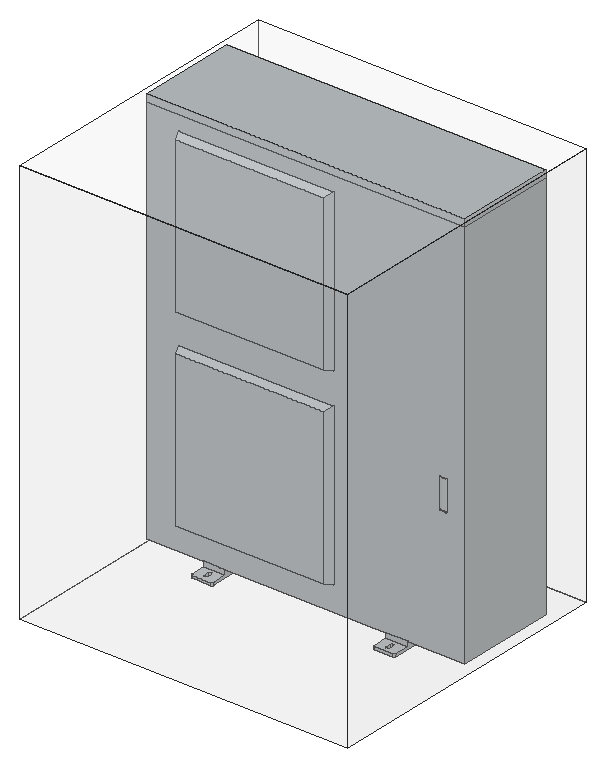
Revit family "puz-zrmp80hka16_280ka6_50hz", category 機械設備, Revit 2023 (continued)
Definition of nested family "PUZ-EZRMP-3"
  Dimensions and locks
    aligned and locked: Extrusion 2 to plane 25
    aligned and locked: plane 12 to Extrusion 2
    aligned and locked: Extrusion 3 sketch curve to Extrusion 2  (x4)
    aligned and locked: Extrusion 3 to plane 12
    aligned and locked: plane 4 to Extrusion 3
    aligned and locked: Blend 4 sketch curve to plane 43
    aligned and locked: Blend 4 sketch curve to plane 44
    aligned and locked: Blend 4 sketch curve to plane 42
    aligned and locked: Blend 4 sketch curve to plane 41
    aligned and locked: Blend 4 sketch curve to plane 47
    aligned and locked: Blend 4 sketch curve to plane 45
    aligned and locked: Blend 4 sketch curve to plane 46
    aligned and locked: Blend 4 sketch curve to plane 48
    aligned and locked: Blend 4 to plane 8
    aligned and locked: plane 38 to Blend 4
    aligned and locked: curve 17 to plane 49
    aligned and locked: curve 1 to plane 49
    aligned and locked: plane 49 to curve 19
    aligned and locked: curve 18 to plane 50
    aligned and locked: plane 50 to curve 2
    aligned and locked: plane 50 to curve 20
    aligned and locked: plane 57 to Extrusion 5 sketch curve
    aligned and locked: plane 53 to Extrusion 5 sketch curve
    aligned and locked: plane 58 to Extrusion 6 sketch curve
    aligned and locked: plane 56 to Extrusion 6 sketch curve
    aligned and locked: plane 61 to Extrusion 7 sketch curve
    aligned and locked: plane 54 to Extrusion 7 sketch curve
    aligned and locked: plane 55 to Extrusion 7
    aligned and locked: Extrusion 7 to plane 62
    aligned and locked: plane 64 to Extrusion 6
    aligned and locked: plane 63 to Extrusion 5
    aligned and locked: Extrusion 6 to plane 60
    aligned and locked: Extrusion 5 to plane 59
    aligned and locked: plane 66 to Extrusion 8 sketch curve
    aligned and locked: plane 65 to Extrusion 8 sketch curve
    aligned and locked: Extrusion 8 to plane 60
    aligned and locked: plane 64 to Extrusion 8
    aligned and locked: Blend 9 sketch curve to plane 71
    aligned and locked: Blend 9 sketch curve to plane 72
    aligned and locked: Blend 9 sketch curve to plane 42
    aligned and locked: Blend 9 sketch curve to plane 41
    aligned and locked: plane 45 to Blend 9 sketch curve
    aligned and locked: Blend 9 sketch curve to plane 46
    aligned and locked: Blend 9 sketch curve to plane 73
    aligned and locked: plane 74 to Blend 9 sketch curve
    aligned and locked: Blend 9 to plane 8
    aligned and locked: plane 38 to Blend 9
    aligned and locked: plane 22 to Extrusion 10 sketch curve
    aligned and locked: plane 21 to Extrusion 10 sketch curve
    aligned and locked: Extrusion 10 sketch curve to Extrusion 1  (x4)
    aligned and locked: Extrusion 10 sketch curve to plane 23
    aligned and locked: Extrusion 10 sketch curve to plane 20
    aligned and locked: plane 24 to Extrusion 10
    aligned and locked: Extrusion 10 to level
    aligned and locked: plane 25 to Extrusion 11
    aligned and locked: Extrusion 11 to plane 26
    aligned and locked: Masking region 1 sketch curve to Extrusion 3  (x4)
    aligned and locked: Masking region 1 sketch curve to cut or joined group of Extrusion 1, Extrusion 10  (x8)
    aligned and locked: Masking region 1 sketch curve to Blend 9  (x3)
    aligned and locked: plane 51 to Extrusion 11 sketch curve
    aligned and locked: plane 52 to Extrusion 11 sketch curve
    aligned and locked: plane 76 to Extrusion 11 sketch curve
    aligned and locked: plane 77 to Extrusion 11 sketch curve
    aligned and locked: plane 78 to Extrusion 11 sketch curve
    aligned and locked: plane 79 to Extrusion 11 sketch curve
    aligned and locked: plane 75 to Extrusion 11 sketch curve  (x4)
  Automatic sketch dimensions
    plane 7 to Extrusion 1 sketch curve = 0 mm  (x2)
    Extrusion 1 sketch curve to plane 18 = 0 mm
    plane 8 to Extrusion 1 sketch curve = 0 mm  (x2)
    Extrusion 1 sketch curve to plane 19 = 0 mm
    Extrusion 1 sketch curve to plane 20 = 0 mm
    Extrusion 1 sketch curve to plane 21 = 0 mm
    curve 187 to curve 188 = 40 mm
    curve 186 to curve 190 = 13.333 mm
    curve 190 to curve 190 = 40 mm
    curve 186 to curve 193 = 0 mm
    curve 186 to curve 188 = 40 mm
    curve 188 to curve 191 = 0 mm
    curve 179 to curve 180 = 40 mm
    curve 178 to curve 182 = 120 mm
    curve 182 to curve 182 = 40 mm
    curve 178 to curve 185 = 0 mm
    curve 178 to curve 180 = 40 mm
    curve 182 to curve 183 = 40 mm
    curve 25 to plane 45 = 0 mm
    curve 24 to plane 45 = 0 mm
    curve 22 to plane 45 = 0 mm
    curve 23 to plane 45 = 0 mm
    curve 26 to plane 45 = 0 mm
    curve 21 to plane 45 = 0 mm
    curve 24 to plane 46 = 0 mm
    curve 25 to plane 46 = 0 mm
    curve 26 to plane 46 = 0 mm
    curve 23 to plane 46 = 0 mm
    curve 22 to plane 46 = 0 mm
    curve 21 to plane 46 = 0 mm
    curve 37 to plane 48 = 0 mm
    curve 52 to plane 48 = 0 mm
    curve 51 to plane 48 = 0 mm
    curve 50 to plane 48 = 0 mm
    curve 49 to plane 48 = 0 mm
    curve 48 to plane 48 = 0 mm
    curve 47 to plane 48 = 0 mm
    curve 46 to plane 48 = 0 mm
    curve 45 to plane 48 = 0 mm
    curve 44 to plane 48 = 0 mm
    curve 43 to plane 48 = 0 mm
    curve 42 to plane 48 = 0 mm
    curve 41 to plane 48 = 0 mm
    curve 27 to plane 48 = 0 mm
    curve 28 to plane 48 = 0 mm
    curve 40 to plane 48 = 0 mm
    curve 39 to plane 48 = 0 mm
    curve 29 to plane 48 = 0 mm
    curve 38 to plane 48 = 0 mm
    curve 30 to plane 48 = 0 mm
    curve 53 to plane 48 = 0 mm
    curve 31 to plane 48 = 0 mm
    curve 36 to plane 48 = 0 mm
    curve 32 to plane 48 = 0 mm
    curve 35 to plane 48 = 0 mm
    curve 33 to plane 48 = 0 mm
    curve 34 to plane 48 = 0 mm
    curve 28 to plane 47 = 0 mm
    curve 41 to plane 47 = 0 mm
    curve 27 to plane 47 = 0 mm
    curve 42 to plane 47 = 0 mm
    curve 31 to plane 47 = 0 mm
    curve 40 to plane 47 = 0 mm
    curve 37 to plane 47 = 0 mm
    curve 39 to plane 47 = 0 mm
    curve 32 to plane 47 = 0 mm
    curve 45 to plane 47 = 0 mm
    curve 36 to plane 47 = 0 mm
    curve 46 to plane 47 = 0 mm
    curve 43 to plane 47 = 0 mm
    curve 47 to plane 47 = 0 mm
    curve 29 to plane 47 = 0 mm
    curve 48 to plane 47 = 0 mm
    curve 30 to plane 47 = 0 mm
    curve 49 to plane 47 = 0 mm
    curve 44 to plane 47 = 0 mm
    curve 50 to plane 47 = 0 mm
    curve 33 to plane 47 = 0 mm
    curve 51 to plane 47 = 0 mm
    curve 35 to plane 47 = 0 mm
    curve 52 to plane 47 = 0 mm
    curve 38 to plane 47 = 0 mm
    curve 53 to plane 47 = 0 mm
    curve 34 to plane 47 = 0 mm
    plane 13 to curve 304 = 138 mm
    curve 304 to plane 46 = 0 mm
    curve 307 to plane 45 = 0 mm
    curve 306 to plane 45 = 0 mm
    curve 303 to plane 45 = 0 mm
    curve 308 to plane 45 = 0 mm
    curve 303 to plane 46 = 0 mm
    curve 306 to plane 46 = 0 mm
    curve 307 to plane 46 = 0 mm
    curve 308 to plane 46 = 0 mm
    curve 309 to plane 45 = 0 mm
    curve 309 to plane 46 = 0 mm
    curve 305 to plane 74 = 0 mm
    curve 305 to plane 73 = 0 mm
    curve 310 to plane 74 = 0 mm
    curve 310 to plane 73 = 0 mm
    curve 311 to plane 73 = 0 mm
    curve 311 to plane 74 = 0 mm
    curve 312 to plane 74 = 0 mm
    curve 312 to plane 73 = 0 mm
    curve 313 to plane 74 = 0 mm
    curve 313 to plane 73 = 0 mm
    curve 314 to plane 73 = 0 mm
    curve 314 to plane 74 = 0 mm
    curve 315 to plane 74 = 0 mm
    curve 315 to plane 73 = 0 mm
    curve 316 to plane 73 = 0 mm
    curve 316 to plane 74 = 0 mm
    curve 317 to plane 74 = 0 mm
    curve 317 to plane 73 = 0 mm
    curve 318 to plane 74 = 0 mm
    curve 318 to plane 73 = 0 mm
    curve 319 to plane 74 = 0 mm
    curve 319 to plane 73 = 0 mm
    curve 320 to plane 74 = 0 mm
    curve 320 to plane 73 = 0 mm
    curve 321 to plane 74 = 0 mm
    curve 321 to plane 73 = 0 mm
    curve 322 to plane 73 = 0 mm
    curve 322 to plane 74 = 0 mm
    curve 323 to plane 73 = 0 mm
    curve 323 to plane 74 = 0 mm
    curve 324 to plane 73 = 0 mm
    curve 324 to plane 74 = 0 mm
    curve 325 to plane 74 = 0 mm
    curve 325 to plane 73 = 0 mm
    curve 326 to plane 74 = 0 mm
    curve 326 to plane 73 = 0 mm
    curve 327 to plane 74 = 0 mm
    curve 327 to plane 73 = 0 mm
    curve 328 to plane 74 = 0 mm
    curve 328 to plane 73 = 0 mm
    curve 329 to plane 74 = 0 mm
    curve 329 to plane 73 = 0 mm
    curve 330 to plane 74 = 0 mm
    curve 330 to plane 73 = 0 mm
    curve 331 to plane 74 = 0 mm
    curve 331 to plane 73 = 0 mm
    curve 332 to plane 73 = 0 mm
    curve 332 to plane 74 = 0 mm
    curve 333 to plane 74 = 0 mm
    curve 333 to plane 73 = 0 mm
    curve 334 to plane 73 = 0 mm
    curve 334 to plane 74 = 0 mm
    curve 335 to plane 74 = 0 mm
    curve 335 to plane 73 = 0 mm
    Extrusion 10 sketch curve to plane 18 = 0 mm  (x2)
    plane 8 to Extrusion 10 sketch curve = 0 mm
    plane 23 to Extrusion 10 sketch curve = 0 mm
    plane 22 to Extrusion 10 sketch curve = 0 mm  (x3)
    plane 16 to Extrusion 10 sketch curve = 0 mm  (x3)
    plane 17 to Extrusion 10 sketch curve = 0 mm  (x3)
    Extrusion 10 sketch curve to plane 15 = 0 mm  (x2)
    Extrusion 10 sketch curve to plane 19 = 0 mm  (x2)
    Extrusion 10 sketch curve to plane 14 = 0 mm  (x2)
    plane 7 to Extrusion 10 sketch curve = 0 mm
    Extrusion 10 sketch curve to plane 18 = 5 mm
    plane 15 to Extrusion 10 sketch curve = 6 mm  (x2)
    plane 19 to Extrusion 10 sketch curve = 5 mm
    Extrusion 10 sketch curve to plane 20 = 5 mm
    plane 14 to Extrusion 10 sketch curve = 6 mm  (x2)
    plane 21 to Extrusion 10 sketch curve = 5 mm
    plane 38 to Extrusion 10 sketch curve = 10 mm  (x2)
    plane 19 to Masking region 1 sketch curve = 0 mm
    plane 21 to Masking region 1 sketch curve = 0 mm
    plane 7 to Masking region 1 sketch curve = 0 mm  (x2)
    Masking region 1 sketch curve to plane 20 = 0 mm
    Masking region 1 sketch curve to plane 18 = 0 mm
    plane 8 to Masking region 1 sketch curve = 0 mm  (x2)
    plane 38 to Masking region 1 sketch curve = 0 mm
    curve 352 to plane 6 = 0 mm
    plane 7 to curve 352 = 0 mm
    curve 353 to plane 18 = 0 mm
    curve 348 to plane 18 = 0 mm
    plane 8 to curve 346 = 0 mm
    curve 354 to plane 19 = 0 mm
    curve 347 to plane 19 = 0 mm
    curve 345 to plane 41 = 0 mm
    plane 38 to curve 344 = 0 mm
    curve 344 to plane 46 = 0 mm
    curve 357 to plane 20 = 0 mm
    curve 343 to plane 20 = 0 mm
    curve 358 to plane 21 = 0 mm
    curve 341 to plane 21 = 0 mm
    curve 339 to plane 45 = 0 mm
    curve 339 to plane 42 = 0 mm
    curve 337 to plane 5 = 0 mm
    plane 22 to curve 354 = 0 mm
    plane 22 to curve 358 = 0 mm
    plane 23 to curve 342 = 0 mm
    plane 23 to curve 347 = 0 mm
    curve 11 to plane 65 = 6 mm
    plane 18 to curve 352 = 28.157 mm
    plane 15 to curve 346 = 0.043 mm
    plane 21 to curve 338 = 11.963 mm
    curve 336 to plane 21 = 9.073 mm
    curve 344 to plane 21 = 22.105 mm
    plane 28 to curve 3 = 5 mm
    curve 3 to plane 45 = 38 mm
    curve 1 to plane 45 = 38 mm
    curve 3 to curve 5 = 0 mm
    curve 4 to plane 29 = 5 mm
    curve 372 to plane 65 = 6 mm
    plane 65 to curve 376 = 9 mm
    curve 12 to plane 65 = 6 mm
    curve 20 to plane 53 = 4 mm
    curve 2 to curve 16 = 15 mm
    plane 51 to curve 15 = 5 mm
Definition of nested family "固定点"
  Parameters (values of type "固定点")
    Default Elevation = 0 mm
    中心円 = if(W > 599 mm, 12 mm, 10 mm)  # 12 mm
    W = 1000 mm
    D = 1000 mm
  Reference planes
    plane 1 "中心(正面/背面)": y = 0
    plane 2: z = 0
    plane 3 "中心(左/右)": x = 0
    plane 4: x = 1000
    plane 5: y = 1000
  Lines and regions (mm)
    symbolic lines, detail levels fine
      curve 1: circle (0, 1000, 0) r 6 normal (0, 0, 1)
      curve 2: circle (0, 0, 0) r 6 normal (0, 0, 1)
      curve 3: circle (1000, 1000, 0) r 6 normal (0, 0, 1)
      curve 4: circle (1000, 0, 0) r 6 normal (0, 0, 1)
      curve 5: line (-200, 1000, 0) -> (1200, 1000, 0)
      curve 6: line (-200, 0, 0) -> (1200, 0, 0)
      curve 7: line (0, 1200, 0) -> (0, -200, 0)
      curve 8: line (1000, 1200, 0) -> (1000, -200, 0)
  Dimensions and locks
    "W": plane 3 "中心(左/右)" to plane 4
    "D": plane 1 "中心(正面/背面)" to plane 5
    "中心円": diameter of curve 1
    "中心円": diameter of curve 2
    "中心円": diameter of curve 3
    "中心円": diameter of curve 4
    aligned and locked: level to plane 2
    aligned and locked: plane 5 to curve 1
    aligned and locked: plane 3 "中心(左/右)" to curve 1
    aligned and locked: plane 3 "中心(左/右)" to curve 2
    aligned and locked: plane 1 "中心(正面/背面)" to curve 2
    aligned and locked: plane 4 to curve 3
    aligned and locked: plane 5 to curve 3
    aligned and locked: plane 1 "中心(正面/背面)" to curve 4
    aligned and locked: plane 4 to curve 4
    aligned and locked: plane 1 "中心(正面/背面)" to curve 6
    aligned and locked: curve 7 to plane 3 "中心(左/右)"
    aligned and locked: curve 8 to plane 4
  Automatic sketch dimensions
    curve 5 to plane 5 = 0 mm
    curve 6 to plane 3 "中心(左/右)" = 200 mm
    curve 5 to plane 3 "中心(左/右)" = 200 mm
    curve 4 to curve 6 = 200 mm
    curve 3 to curve 5 = 200 mm
    plane 1 "中心(正面/背面)" to curve 8 = 200 mm
    plane 1 "中心(正面/背面)" to curve 7 = 200 mm
    curve 3 to curve 8 = 200 mm
    curve 1 to curve 7 = 200 mm
Types (21, lengths in mm): name | 風量_冷房 (㎥/min) | 風量 | 音響パワーレベル_冷房 (dB) | 音響パワーレベル_暖房 (dB) | 音響パワーレベル(dB) | 電源位置Z | 電源位置X | 電動機出力_送風機 | 電動機出力_圧縮機 | 質量 | 製品質量 | 相 | 発停方法 | 消費電力_暖房 | 消費電力_冷房 | 消費電力 | 本体マテリアル | 最小電線太さ_mm2 | 暖房能力 | 推奨ブレーカー容量 | 形名 | ドレン　位置Y | ドレン　位置X | 冷房能力 | 冷媒管（ガス）位置X | 冷媒管（液）位置X | 冷媒管（ガス）位置Y | 冷媒管径符号 | 冷媒管位置Z | 冷媒管位置Y | 冷媒管位置X | 冷媒液管径 | 冷媒ガス管径 | モデル | Width | URL | Height | Clearance Right | Clearance Left | Clearance Front | Clearance Back
  PUZ-ZRMP80HA16 | 55 | 3300.0 m³/h | 66 | 68 | 68 | 669 | 275 | 0.06 kW | 1.6 kW | 79.20 kg | 66.00 kg | 3 | "別売リモコン" | 2.22 kW | 1.93 kW | 2.22 kW | Galvanized steel plate | 3.5 | 8 kW | 20 A | PUZ-EZRMP-2 : PUZ-EZRMP-2-2 | 111 | 30 | 7.1 kW | 434 | 377 | 269 | "Bd" | 447 | 279.5 | 405.5 | 9.52 | 15.88 | "PUZ-ZRMP80HA16" | 950 | "https://www.mitsubishielectric.co.jp/ldg/wink/qr/002/364673" | 943 | 10 | 10 | 500 | 100
  PUZ-ZRMP80SHA16 | 55 | 3300.0 m³/h | 66 | 68 | 68 | 669 | 275 | 0.06 kW | 1.6 kW | 84.00 kg | 70.00 kg | 1 | "別売リモコン" | 2.34 kW | 1.98 kW | 2.34 kW | none | 3.5 | 8 kW | 30 A | PUZ-EZRMP-2 : PUZ-EZRMP-2-2 | 111 | 30 | 7.1 kW | 434 | 377 | 229 | "Bd" | 447 | 259.5 | 405.5 | 9.52 | 15.88 | "PUZ-ZRMP80SHA16" | 950 | "https://www.mitsubishielectric.co.jp/ldg/wink/qr/002/364674" | 943 | 10 | 10 | 500 | 100
  PUZ-ZRMP112KA16 | 100 | 6000.0 m³/h | 68 | 70 | 70 | 1063 | 325 | 0.12 kW | 2.1 kW | 120.00 kg | 100.00 kg | 3 | "別売リモコン" | 2.67 kW | 2.43 kW | 2.67 kW | Galvanized steel plate | 5.5 | 11.2 kW | 30 A | PUZ-EZRMP-3 : PUZ-EZRMP3-1 | 176 | 45 | 10 kW | 483 | 423 | 274 | "Bd" | 450 | 282 | 453 | 9.52 | 15.88 | "PUZ-ZRMP112KA16" | 1050 | "https://www.mitsubishielectric.co.jp/ldg/wink/qr/002/364679" | 1338 | 15 | 15 | 500 | 150
  PUZ-ZRMP140KA16 | 100 | 6000.0 m³/h | 68 | 71 | 71 | 1063 | 325 | 0.12 kW | 2.8 kW | 120.00 kg | 100.00 kg | 3 | "付属スイッチ" | 3.72 kW | 3.61 kW | 3.72 kW | none | 5.5 | 14 kW | 30 A | PUZ-EZRMP-3 : PUZ-EZRMP3-1 | 176 | 45 | 12.5 kW | 483 | 423 | 274 | "Bd" | 450 | 282 | 453 | 9.52 | 15.88 | "PUZ-ZRMP140KA16" | 1050 | "https://www.mitsubishielectric.co.jp/ldg/wink/qr/002/364681" | 1338 | 15 | 15 | 500 | 150
  PUZ-ZRMP160KA16 | 100 | 6000.0 m³/h | 70 | 73 | 73 | 1063 | 325 | 0.12 kW | 3.3 kW | 120.00 kg | 100.00 kg | 3 | "別売リモコン" | 4.5 kW | 4.6 kW | 4.6 kW | none | 5.5 | 16 kW | 30 A | PUZ-EZRMP-3 : PUZ-EZRMP3-1 | 176 | 45 | 14 kW | 483 | 423 | 274 | "Bd" | 450 | 282 | 453 | 9.52 | 15.88 | "PUZ-ZRMP160KA16" | 1050 | "https://www.mitsubishielectric.co.jp/ldg/wink/qr/002/364684" | 1338 | 15 | 15 | 500 | 150
  PUZ-ZRMP224KA6 | 130 | 7800.0 m³/h | 79 | 81 | 81 | 1063 | 325 | 0.3 kW | 4.6 kW | 156.00 kg | 130.00 kg | 3 | "別売リモコン" | 5.66 kW | 6.07 kW | 6.07 kW | none | 8 | 22.4 kW | 40 A | PUZ-EZRMP-3 : PUZ-EZRMP3-2 | 176 | 45 | 20 kW | 479 | 423 | 276 | "Bg" | 450 | 283 | 451 | 9.52 | 25.4 | "PUZ-ZRMP224KA6" | 1050 | "https://www.mitsubishielectric.co.jp/ldg/wink/qr/002/364567" | 1338 | 15 | 15 | 1000 | 150
  PUZ-ZRMP280KA6 | 140 | 8400.0 m³/h | 79 | 81 | 81 | 1063 | 325 | 0.4 kW | 5.7 kW | 160.80 kg | 134.00 kg | 3 | "別売リモコン" | 8.14 kW | 9.2 kW | 9.2 kW | none | 14 | 28 kW | 50 A | PUZ-EZRMP-3 : PUZ-EZRMP3-3 | 176 | 45 | 25 kW | 479 | 423 | 276 | "Cg" | 424 | 283 | 451 | 12.7 | 25.4 | "PUZ-ZRMP280KA6" | 1050 | "https://www.mitsubishielectric.co.jp/ldg/wink/qr/002/364570" | 1338 | 15 | 15 | 1000 | 150
  PUZ-ZRMP80SHA16-BS | 55 | 3300.0 m³/h | 66 | 68 | 68 | 669 | 275 | 0.06 kW | 1.6 kW | 84.00 kg | 70.00 kg | 1 | "別売リモコン" | 2.34 kW | 1.98 kW | 2.34 kW | none | 3.5 | 8 kW | 30 A | PUZ-EZRMP-2 : PUZ-EZRMP-2-2 | 111 | 30 | 7.1 kW | 434 | 377 | 229 | "Bd" | 447 | 259.5 | 405.5 | 9.52 | 15.88 | "PUZ-ZRMP80SHA16-BS" | 950 | "https://www.mitsubishielectric.co.jp/ldg/wink/qr/002/364677" | 943 | 10 | 10 | 500 | 100
  PUZ-ZRMP80SHA16-BSG | 55 | 3300.0 m³/h | 66 | 68 | 68 | 669 | 275 | 0.06 kW | 1.6 kW | 84.00 kg | 70.00 kg | 1 | "別売リモコン" | 2.34 kW | 1.98 kW | 2.34 kW | none | 3.5 | 8 kW | 30 A | PUZ-EZRMP-2 : PUZ-EZRMP-2-2 | 111 | 30 | 7.1 kW | 434 | 377 | 229 | "Bd" | 447 | 259.5 | 405.5 | 9.52 | 15.88 | "PUZ-ZRMP80SHA16-BSG" | 950 | "https://www.mitsubishielectric.co.jp/ldg/wink/qr/002/364678" | 943 | 10 | 10 | 500 | 100
  PUZ-ZRMP80HA16-BS | 55 | 3300.0 m³/h | 66 | 68 | 68 | 669 | 275 | 0.06 kW | 1.6 kW | 79.20 kg | 66.00 kg | 3 | "別売リモコン" | 2.22 kW | 1.93 kW | 2.22 kW | none | 3.5 | 8 kW | 20 A | PUZ-EZRMP-2 : PUZ-EZRMP-2-2 | 111 | 30 | 7.1 kW | 434 | 377 | 269 | "Bd" | 447 | 279.5 | 405.5 | 9.52 | 15.88 | "PUZ-ZRMP80HA16-BS" | 950 | "https://www.mitsubishielectric.co.jp/ldg/wink/qr/002/364675" | 943 | 10 | 10 | 500 | 100
  PUZ-ZRMP80HA16-BSG | 55 | 3300.0 m³/h | 66 | 68 | 68 | 669 | 275 | 0.06 kW | 1.6 kW | 79.20 kg | 66.00 kg | 3 | "別売リモコン" | 2.22 kW | 1.93 kW | 2.22 kW | none | 3.5 | 8 kW | 20 A | PUZ-EZRMP-2 : PUZ-EZRMP-2-2 | 111 | 30 | 7.1 kW | 434 | 377 | 269 | "Bd" | 447 | 279.5 | 405.5 | 9.52 | 15.88 | "PUZ-ZRMP80HA16-BSG" | 950 | "https://www.mitsubishielectric.co.jp/ldg/wink/qr/002/364676" | 943 | 10 | 10 | 500 | 100
  PUZ-ZRMP280KA6-BS | 140 | 8400.0 m³/h | 79 | 81 | 81 | 1063 | 325 | 0.4 kW | 5.7 kW | 160.80 kg | 134.00 kg | 3 | "別売リモコン" | 8.14 kW | 9.2 kW | 9.2 kW | none | 14 | 28 kW | 50 A | PUZ-EZRMP-3 : PUZ-EZRMP3-3 | 176 | 45 | 25 kW | 479 | 423 | 276 | "Cg" | 424 | 283 | 451 | 12.7 | 25.4 | "PUZ-ZRMP280KA6-BS" | 1050 | "https://www.mitsubishielectric.co.jp/ldg/wink/qr/002/364571" | 1338 | 15 | 15 | 1000 | 150
  PUZ-ZRMP280KA6-BSG | 140 | 8400.0 m³/h | 79 | 81 | 81 | 1063 | 325 | 0.4 kW | 5.7 kW | 160.80 kg | 134.00 kg | 3 | "別売リモコン" | 8.14 kW | 9.2 kW | 9.2 kW | none | 14 | 28 kW | 50 A | PUZ-EZRMP-3 : PUZ-EZRMP3-3 | 176 | 45 | 25 kW | 479 | 423 | 276 | "Cg" | 424 | 283 | 451 | 12.7 | 25.4 | "PUZ-ZRMP280KA6-BSG" | 1050 | "https://www.mitsubishielectric.co.jp/ldg/wink/qr/002/364572" | 1338 | 15 | 15 | 1000 | 150
  PUZ-ZRMP224KA6-BS | 130 | 7800.0 m³/h | 79 | 81 | 81 | 1063 | 325 | 0.3 kW | 4.6 kW | 156.00 kg | 130.00 kg | 3 | "別売リモコン" | 5.66 kW | 6.07 kW | 6.07 kW | none | 8 | 22.4 kW | 40 A | PUZ-EZRMP-3 : PUZ-EZRMP3-2 | 176 | 45 | 20 kW | 479 | 423 | 276 | "Bg" | 450 | 283 | 451 | 9.52 | 25.4 | "PUZ-ZRMP224KA6-BS" | 1050 | "https://www.mitsubishielectric.co.jp/ldg/wink/qr/002/364568" | 1338 | 15 | 15 | 1000 | 150
  PUZ-ZRMP224KA6-BSG | 130 | 7800.0 m³/h | 79 | 81 | 81 | 1063 | 325 | 0.3 kW | 4.6 kW | 156.00 kg | 130.00 kg | 3 | "別売リモコン" | 5.66 kW | 6.07 kW | 6.07 kW | none | 8 | 22.4 kW | 40 A | PUZ-EZRMP-3 : PUZ-EZRMP3-2 | 176 | 45 | 20 kW | 479 | 423 | 276 | "Bg" | 450 | 283 | 451 | 9.52 | 25.4 | "PUZ-ZRMP224KA6-BSG" | 1050 | "https://www.mitsubishielectric.co.jp/ldg/wink/qr/002/364569" | 1338 | 15 | 15 | 1000 | 150
  PUZ-ZRMP160KA16-BS | 100 | 6000.0 m³/h | 70 | 73 | 73 | 1063 | 325 | 0.12 kW | 3.3 kW | 120.00 kg | 100.00 kg | 3 | "別売リモコン" | 4.5 kW | 4.6 kW | 4.6 kW | none | 5.5 | 16 kW | 30 A | PUZ-EZRMP-3 : PUZ-EZRMP3-1 | 176 | 45 | 14 kW | 483 | 423 | 274 | "Bd" | 450 | 282 | 453 | 9.52 | 15.88 | "PUZ-ZRMP160KA16-BS" | 1050 | "https://www.mitsubishielectric.co.jp/ldg/wink/qr/002/364685" | 1338 | 15 | 15 | 500 | 150
  PUZ-ZRMP160KA16-BSG | 100 | 6000.0 m³/h | 70 | 73 | 73 | 1063 | 325 | 0.12 kW | 3.3 kW | 120.00 kg | 100.00 kg | 3 | "別売リモコン" | 4.5 kW | 4.6 kW | 4.6 kW | none | 5.5 | 16 kW | 30 A | PUZ-EZRMP-3 : PUZ-EZRMP3-1 | 176 | 45 | 14 kW | 483 | 423 | 274 | "Bd" | 450 | 282 | 453 | 9.52 | 15.88 | "PUZ-ZRMP160KA16-BSG" | 1050 | "https://www.mitsubishielectric.co.jp/ldg/wink/qr/002/364566" | 1338 | 15 | 15 | 500 | 150
  PUZ-ZRMP140KA16-BS | 100 | 6000.0 m³/h | 68 | 71 | 71 | 1063 | 325 | 0.12 kW | 2.8 kW | 120.00 kg | 100.00 kg | 3 | "別売リモコン" | 3.72 kW | 3.61 kW | 3.72 kW | none | 5.5 | 14 kW | 30 A | PUZ-EZRMP-3 : PUZ-EZRMP3-1 | 176 | 45 | 12.5 kW | 483 | 423 | 274 | "Bd" | 450 | 282 | 453 | 9.52 | 15.88 | "PUZ-ZRMP140KA16-BS" | 1050 | "https://www.mitsubishielectric.co.jp/ldg/wink/qr/002/364682" | 1338 | 15 | 15 | 500 | 150
  PUZ-ZRMP140KA16-BSG | 100 | 6000.0 m³/h | 68 | 71 | 71 | 1063 | 325 | 0.12 kW | 2.8 kW | 120.00 kg | 100.00 kg | 3 | "別売リモコン" | 3.72 kW | 3.61 kW | 3.72 kW | none | 5.5 | 14 kW | 30 A | PUZ-EZRMP-3 : PUZ-EZRMP3-1 | 176 | 45 | 12.5 kW | 483 | 423 | 274 | "Bd" | 450 | 282 | 453 | 9.52 | 15.88 | "PUZ-ZRMP140KA16-BSG" | 1050 | "https://www.mitsubishielectric.co.jp/ldg/wink/qr/002/364683" | 1338 | 15 | 15 | 500 | 150
  PUZ-ZRMP112KA16-BS | 100 | 6000.0 m³/h | 68 | 70 | 70 | 1063 | 325 | 0.12 kW | 2.1 kW | 120.00 kg | 100.00 kg | 3 | "別売リモコン" | 2.67 kW | 2.43 kW | 2.67 kW | none | 5.5 | 11.2 kW | 30 A | PUZ-EZRMP-3 : PUZ-EZRMP3-1 | 176 | 45 | 10 kW | 483 | 423 | 274 | "Bd" | 450 | 282 | 453 | 9.52 | 15.88 | "PUZ-ZRMP112KA16-BS" | 1050 | "https://www.mitsubishielectric.co.jp/ldg/wink/qr/002/364706" | 1338 | 15 | 15 | 500 | 150
  PUZ-ZRMP112KA16-BSG | 100 | 6000.0 m³/h | 68 | 70 | 70 | 1063 | 325 | 0.12 kW | 2.1 kW | 120.00 kg | 100.00 kg | 3 | "別売リモコン" | 2.67 kW | 2.43 kW | 2.67 kW | none | 5.5 | 11.2 kW | 30 A | PUZ-EZRMP-3 : PUZ-EZRMP3-1 | 176 | 45 | 10 kW | 483 | 423 | 274 | "Bd" | 450 | 282 | 453 | 9.52 | 15.88 | "PUZ-ZRMP112KA16-BSG" | 1050 | "https://www.mitsubishielectric.co.jp/ldg/wink/qr/002/364680" | 1338 | 15 | 15 | 500 | 150
